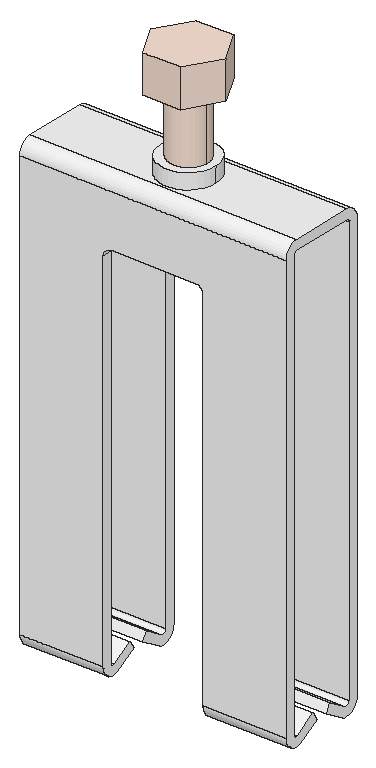
Revit family "CTクリップH=0", category 機械設備, Revit 2020
Family settings
  丸型コネクタ寸法 = 直径を使用
  種別 = なし
  パーツ タイプ = 標準
  作業面ベース = いいえ
  常に垂直 = はい
  ロード時にボイドで切り取り = いいえ
  共有 = いいえ
  部屋計算ポイント = いいえ
Parameters
  製造元 = "株式会社桐井製作所"
  既定の高さ = 0 mm
  URL = "https://www.kirii.co.jp/"
  K_材質 = "溶融亜鉛めっき鋼板及び鋼帯 SGCC 一般用"
  K_品名 = "CTクリップH=0"
  K_名称 = "クリップ"
  K_入数 = "400"
  K_バージョン情報 = "20220411"
  K_めっき付着量 = "Z12"
  K_JIS規格 = "JIS G 3302"
Reference planes
  plane 1 "中心(正面/背面)": y = 0
  plane 2: z = 0
  plane 3 "中心(左/右)": x = 0
Forms (mm)
  Extrusion 1, void
    sketch origin (0, 0, 0) x (1, 0, 0) y (0, 1, 0)
      loop
        circle (0, 0) r 2.5
    from 7.437 to 8.637
  Extrusion 2, solid
    sketch origin (0, 0, 0) x (1, 0, 0) y (0, 1, 0)
      loop
        circle (0, 0) r 3.691
      loop
        circle (0, 0) r 2.5
    from 8.637 to 10.637
  Extrusion 3, void
    sketch origin (0, 0, 0) x (1, 0, 0) y (0, 0, 1)
      loop
        line (-6.6, -51.613) -> (6.6, -51.613) -> (6.6, -1)
        arc (6.6, -1) -> (6.307, -0.293) -> (5.6, 0) r 1
        line (5.6, 0) -> (-5.6, 0)
        arc (-5.6, 0) -> (-6.307, -0.293) -> (-6.6, -1) r 1
        line (-6.6, -1) -> (-6.6, -51.613)
    from -5.8 to 5.8
  Extrusion 4, solid
    sketch origin (0, 0, 7.437) x (0, 1, 0) y (0, 0, 1)
      loop
        line (-4.6, -57.119) -> (-4.6, -0.5)
        arc (-4.6, -0.5) -> (-4.454, -0.146) -> (-4.1, 0) r 0.5
        line (-4.1, 0) -> (4.1, 0)
        arc (4.1, 0) -> (4.454, -0.146) -> (4.6, -0.5) r 0.5
        line (4.6, -0.5) -> (4.6, -57.119)
        arc (4.6, -57.119) -> (4.389, -57.527) -> (3.935, -57.591) r 0.5
        line (3.935, -57.591) -> (1.386, -56) -> (0.8, -57.047) -> (3.538, -58.704)
        arc (3.538, -58.704) -> (5.083, -58.487) -> (5.8, -57.1) r 1.7
        line (5.8, -57.1) -> (5.8, -0.5)
        arc (5.8, -0.5) -> (5.302, 0.702) -> (4.1, 1.2) r 1.7
        line (4.1, 1.2) -> (-4.1, 1.2)
        arc (-4.1, 1.2) -> (-5.302, 0.702) -> (-5.8, -0.5) r 1.7
        line (-5.8, -0.5) -> (-5.8, -57.1)
        arc (-5.8, -57.1) -> (-5.083, -58.487) -> (-3.538, -58.704) r 1.7
        line (-3.538, -58.704) -> (-0.8, -57.047) -> (-1.386, -56) -> (-3.935, -57.591)
        arc (-3.935, -57.591) -> (-4.389, -57.527) -> (-4.6, -57.119) r 0.5
    from -17.6 to 17.6
Cuts and joins
  Extrusion 3 cuts Extrusion 2
  Extrusion 1, Extrusion 3 cuts Extrusion 4
  joined: Extrusion 2, Extrusion 4
Dimensions and locks
  aligned and locked: level to plane 2
Nested families
  nested 1: "M5×25ボルト" at (0.011, -0.034, 18.824) x (1, 0, 0) z (0, 1, 0), type "M5×25ボルト"
Definition of nested family "M5×25ボルト"
  Parameters (values of type "M5×25ボルト")
    Manufacturer = "株式会社桐井製作所"
    Default Elevation = 0 mm
    URL = "https://www.kirii.co.jp/"
    K_名称 = "M6×25ボルト"
  Reference planes
    plane 1 "中心(正面/背面)": y = 0
    plane 2: z = 0
    plane 3 "中心(左/右)": x = 0
    plane 4 "正面": y = -5
  Forms (mm)
    Extrusion 1, solid
      sketch origin (0, 0, 0.234) x (1, 0, 0) y (0, 0, 1)
        loop
          line (4.989, -0.2) -> (2.489, 4.13) -> (-2.511, 4.13) -> (-5.011, -0.2) -> (-2.511, -4.531) -> (2.489, -4.531) -> (4.989, -0.2)
      from 0 to 5
    Extrusion 2, solid
      sketch origin (0, 0, 0.234) x (1, 0, 0) y (0, 0, 1)
        loop
          circle (-0.011, -0.2) r 2.5
      from 0 to -20
  Cuts and joins
    joined: Extrusion 1, Extrusion 2
  Dimensions and locks
    aligned and locked: level to plane 2
